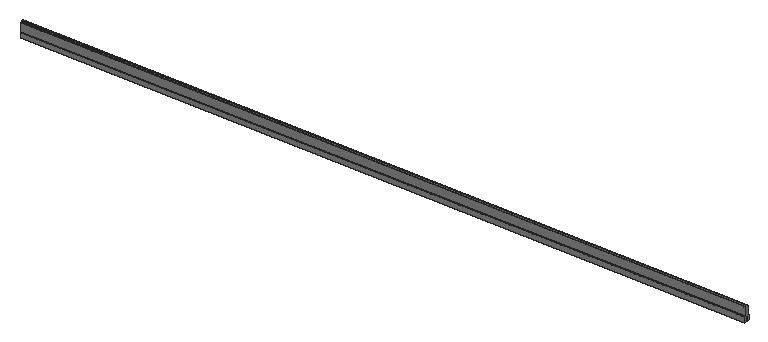
Revit family "K-Form_Forhøjerliste_p_i_t_5021203", category Generic Models, Revit 2020
Family settings
  Can host rebar = No
  Round Connector Dimension = Use Diameter
  Part Type = Normal
  Work Plane-Based = Yes
  Always vertical = No
  Cut with Voids When Loaded = No
  Shared = No
  Room Calculation Point = No
Parameters (values of type "For K135")
  Yes/No Raiser = yes
  Website Link [instance] = "https://www.haucon.fi/tuotteet/liikuntasaumalaitteet/k-form-valurajaaja-ja-liikuntasaumalaite/44/k-form"
  URL = ""
  Total Length [instance] = 2440 mm
  Technical Data Sheet [instance] = ""
  Plastic [instance] = PVC
  K-Form Height = 135 mm
  Default Elevation = 1219.2 mm
Types (3, lengths in mm): name | K-Form Height
  (no name) | 135
  For K135 | 135
  For K85 | 85
Reference planes
  plane 1 "Center (Front/Back)": y = 0
  plane 2: z = 0
  plane 3 "Center (Left/Right)": x = 0
  plane 4 "Total length": x = 2440
  plane 5: z = 135
Forms (mm)
  Extrusion 1, solid, material "PVC", visible <- "Yes/No Raiser"
    sketch origin (0, -41.069, -35.1) x (0, 1, 0) y (0, 0, 1)
      loop
        line (79.455, 170.1) -> (79.455, 166.067) -> (82.399, 166.067) -> (82.399, 149.084) -> (84.455, 149.084) -> (84.455, 166.067) -> (82.455, 168.067) -> (82.455, 195.084) -> (79.455, 195.084) -> (79.455, 199.084) -> (75.455, 199.084) -> (75.455, 195.084) -> (72.455, 195.084) -> (72.455, 168.067) -> (70.455, 166.067) -> (70.455, 149.084) -> (72.455, 149.084) -> (72.455, 166.067) -> (75.455, 166.067) -> (75.455, 170.1) -> (79.455, 170.1)
    from 0 to 2440
Dimensions and locks
  "Total Length": plane 3 "Center (Left/Right)" to plane 4 "Total length"
  "K-Form Height": plane 5 to level
  Extrusion 1 sketch curve to Extrusion 1 sketch curve = 50 mm
  aligned and locked: level to plane 2
  aligned and locked: plane 4 "Total length" to Extrusion 1
  aligned and locked: Extrusion 1 to plane 3 "Center (Left/Right)"
  aligned and locked: plane 5 to Extrusion 1
Automatic sketch dimensions
  Extrusion 1 sketch curve to plane 5 = 0 mm
  Extrusion 1 sketch curve to plane 5 = 4.033 mm
  Extrusion 1 sketch curve to plane 1 "Center (Front/Back)" = 29.386 mm
  Extrusion 1 sketch curve to Extrusion 1 sketch curve = 2 mm  (x3)
  Extrusion 1 sketch curve to Extrusion 1 sketch curve = 0 mm  (x4)
  Extrusion 1 sketch curve to Extrusion 1 sketch curve = 3 mm  (x2)
  Extrusion 1 sketch curve to Extrusion 1 sketch curve = 4 mm  (x4)
  Extrusion 1 sketch curve to Extrusion 1 sketch curve = 9.944 mm
  Extrusion 1 sketch curve to plane 5 = 2.033 mm
  Extrusion 1 sketch curve to Extrusion 1 sketch curve = 0.056 mm
  Extrusion 1 sketch curve to Extrusion 1 sketch curve = 2.056 mm
  Extrusion 1 sketch curve to Extrusion 1 sketch curve = 16.983 mm
